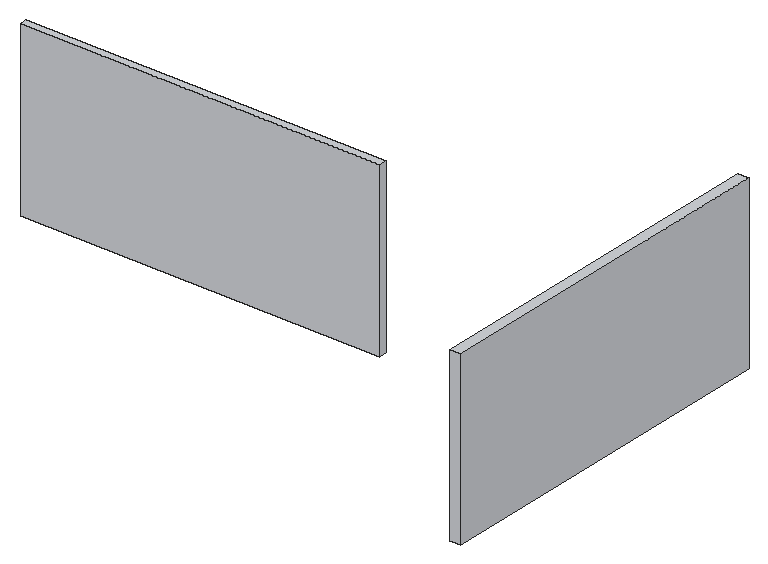
Revit family "EKF355 BIM position 3", category Mechanical Equipment, Revit 2013
Parameters (values of type "EKF355E1")
  Width = "600 mm"
  Weight = "63 kg"
  Warranty period = "Unit 2 years                                    Motor 5 years"
  Sub Type = "Lo-Carbon Kitchen Box Fan"
  Width (including handles) = "684 mm"
  Height (inclusing controller) = "708mm"
  Product Description = "Lo-Carbon Kitchen Box Fan"
  Part Number = "EKF355E1"
  Operating Temperature = "(-20C to +40C)"
  Maximum In-Duct Temperature = "120 Degrees C"
  Motor Rating = "0.29kW Max"
  Manufacturer - Website = "www.vent-axia.com"
  Manufacturer - Name = "Vent-Axia Ltd"
  Manufacturer - Email = "sales@vent-axia.com"
  Manufacturer - Contact Phone = "0844 856 0590"
  Manufacturer - Address = "Fleming Way, Crawley, West Sussex RH10 9YX"
  IP Rating = "IP54"
  Height = "600 mm\r\n220mm"
  Length = "600 mm"
  Family = "In-Line Range"
  Country of Manufacture = "UK"
  Category = "Lo-Carbon Kitchen Box Fan"
  AC Voltage Input = "220-240 V AC (single phase)"
  AC Frequency Input = "50Hz nominal"
Reference planes
  plane 1 "Center (Front/Back)": y = 0
  plane 2: z = 0
  plane 3 "Center (Left/Right)": x = 0
  plane 4: x = -300
  plane 5: x = 300
  plane 6: y = -342
  plane 7: z = 354
  plane 8: z = -354
Forms (mm)
  Extrusion 1, solid, detail levels coarse+medium
    sketch origin (-547.926, 273.949, 0) x (1, 0, 0) y (0, 1, 0)
      loop
        line (179.08, 91.051) -> (179.08, -669.889) -> (921.752, -669.889) -> (921.752, 91.051) -> (179.08, 91.051)
    from -411.511 to 400
  Extrusion 2, solid
    sketch origin (2.344, 1.388, 0) x (-1, 0, 0) y (0, 0, 1)
      loop
        line (242.462, 177.246) -> (-237.538, 177.246) -> (-237.538, -52.754) -> (242.462, -52.754) -> (242.462, 177.246)
    from -300.346 to -290.346
  Extrusion 3, solid
    sketch origin (0, 0, 0) x (0, 1, 0) y (0, 0, 1)
      loop
        line (-238.958, -54.254) -> (-238.958, -282.754) -> (241.042, -282.754) -> (241.042, -54.254) -> (-238.958, -54.254)
    from 285.754 to 299.654
Dimensions and locks
  plane 4 to plane 5 = 600 mm
  plane 7 to plane 8 = 708 mm  (x2)
Connectors
  hvac at (299.882, 1.042, -170.191)
    settings: on import instance, index 1, duct flow 0.0 L/s, flow factor 0, pres drop 0.0 Pa, loss coef 0, conn angle 0.00°, conn width 480 mm, conn height 230 mm, conn radius 304.8 mm, duct sys type 2, conn prof type 1, flow config 0, flow direction 1, loss method 0, conn ref index -1, conn util no, is conn primary yes, conn desc ""
  hvac at (-0.118, -288.958, 60.559)
    settings: on import instance, index 2, duct flow 0.0 L/s, flow factor 0, pres drop 0.0 Pa, loss coef 0, conn angle 0.00°, conn width 480 mm, conn height 230 mm, conn radius 304.8 mm, duct sys type 2, conn prof type 1, flow config 0, flow direction 2, loss method 0, conn ref index -1, conn util no, is conn primary no, conn desc ""
